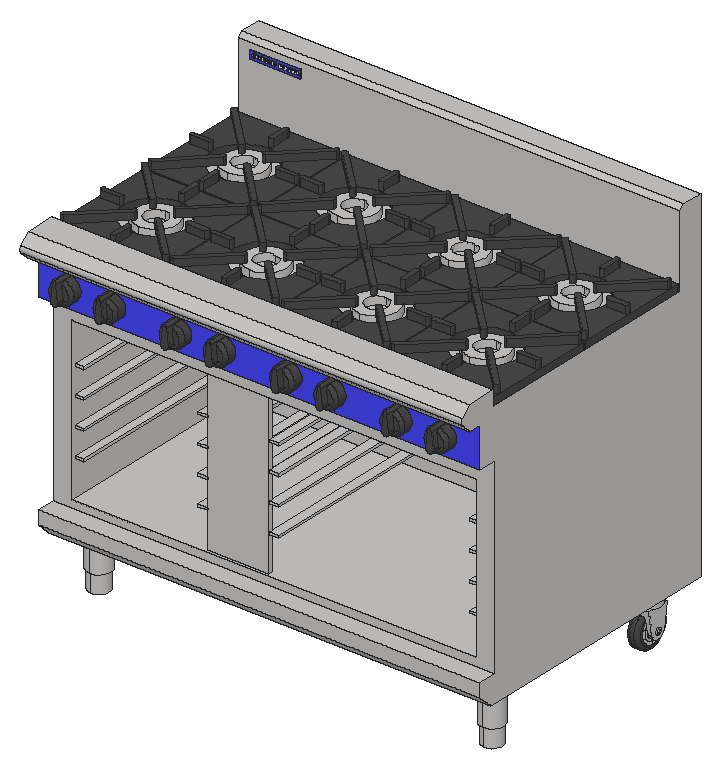
Revit family "QF_MOFFAT_BLUESEAL_CE_G518D-CB", category Specialty Equipment, Revit 2012 (continued)
Definition of nested family "GAS BURNER 1200"
  Lines and regions (mm)
    symbolic lines
      curve 18: spline (476.924, -130.525, 0) -> (476.163, -131.595, 0) -> (475.762, -132.899, 0) -> (475.749, -134.351, 0) -> (476.125, -135.85, 0) -> (476.863, -137.295, 0) -> (477.914, -138.586, 0) -> (479.205, -139.637, 0) -> (480.65, -140.375, 0) -> (482.149, -140.751, 0) -> (483.601, -140.738, 0) -> (484.905, -140.337, 0) -> (485.975, -139.576, 0)
      curve 19: line (485.975, -139.576, 0) -> (593.898, -31.653, 0)
      curve 20: spline (593.898, -31.653, 0) -> (594.819, -30.424, 0) -> (595.369, -28.97, 0) -> (595.51, -27.39, 0) -> (595.233, -25.792, 0) -> (594.557, -24.286, 0) -> (593.527, -22.973, 0) -> (592.214, -21.943, 0) -> (590.708, -21.267, 0) -> (589.11, -20.99, 0) -> (587.53, -21.131, 0) -> (586.076, -21.681, 0) -> (584.847, -22.602, 0)
      curve 21: line (591.102, -160.1, 0) -> (541.898, -160.1, 0)
      curve 22: spline (541.898, -160.1, 0) -> (540.604, -160.318, 0) -> (539.398, -160.957, 0) -> (538.362, -161.975, 0) -> (537.568, -163.3, 0) -> (537.068, -164.844, 0) -> (536.898, -166.5, 0) -> (537.068, -168.156, 0) -> (537.568, -169.7, 0) -> (538.362, -171.025, 0) -> (539.398, -172.043, 0) -> (540.604, -172.682, 0) -> (541.898, -172.9, 0)
      curve 23: line (541.898, -172.9, 0) -> (591.102, -172.9, 0)
      curve 24: spline (591.102, -172.9, 0) -> (592.396, -172.682, 0) -> (593.602, -172.043, 0) -> (594.638, -171.025, 0) -> (595.432, -169.7, 0) -> (595.932, -168.156, 0) -> (596.102, -166.5, 0) -> (595.932, -164.844, 0) -> (595.432, -163.3, 0) -> (594.638, -161.975, 0) -> (593.602, -160.957, 0) -> (592.396, -160.318, 0) -> (591.102, -160.1, 0)
      curve 25: line (593.898, -304.847, 0) -> (485.975, -193.424, 0)
      curve 26: spline (485.975, -193.424, 0) -> (484.905, -192.663, 0) -> (483.601, -192.262, 0) -> (482.149, -192.249, 0) -> (480.65, -192.625, 0) -> (479.205, -193.363, 0) -> (477.914, -194.414, 0) -> (476.863, -195.705, 0) -> (476.125, -197.15, 0) -> (475.749, -198.649, 0) -> (475.762, -200.101, 0) -> (476.163, -201.405, 0) -> (476.924, -202.475, 0)
      curve 27: line (476.924, -202.475, 0) -> (584.847, -313.898, 0)
      curve 28: spline (584.847, -313.898, 0) -> (585.916, -314.659, 0) -> (587.221, -315.059, 0) -> (588.672, -315.072, 0) -> (590.171, -314.697, 0) -> (591.616, -313.959, 0) -> (592.908, -312.908, 0) -> (593.959, -311.616, 0) -> (594.697, -310.171, 0) -> (595.072, -308.672, 0) -> (595.059, -307.221, 0) -> (594.659, -305.916, 0) -> (593.898, -304.847, 0)
      curve 29: arc (450, -223.5, 0) -> (468.725, -220.336, 0) -> (485.372, -211.197, 0) r 57
      curve 30: arc (450, -109.5, 0) -> (431.183, -112.696, 0) -> (414.475, -121.924, 0) r 57
      curve 31: arc (450.009, -84.418, 0) -> (478.534, -89.404, 0) -> (503.676, -103.773, 0) r 84.082
      curve 32: arc (450.009, -252.582, 0) -> (420.453, -247.216, 0) -> (394.669, -231.803, 0) r 84.082
      curve 33: arc (450, -136.5, 0) -> (480, -166.5, 0) -> (450, -196.5, 0) r 30
      curve 34: arc (450, -196.5, 0) -> (420, -166.5, 0) -> (450, -136.5, 0) r 30
      curve 35: arc (150, -223.5, 0) -> (168.725, -220.336, 0) -> (185.372, -211.197, 0) r 57
      curve 36: arc (150, -109.5, 0) -> (131.183, -112.696, 0) -> (114.475, -121.924, 0) r 57
      curve 37: arc (149.991, -84.418, 0) -> (178.523, -89.406, 0) -> (203.668, -103.781, 0) r 84.082
      curve 38: arc (149.991, -252.582, 0) -> (120.441, -247.219, 0) -> (94.661, -231.812, 0) r 84.082
      curve 39: line (156.4, -74.602, 0) -> (156.4, -25.398, 0)
      curve 40: spline (156.4, -25.398, 0) -> (156.182, -24.104, 0) -> (155.543, -22.898, 0) -> (154.525, -21.862, 0) -> (153.2, -21.068, 0) -> (151.656, -20.568, 0) -> (150, -20.398, 0) -> (148.344, -20.568, 0) -> (146.8, -21.068, 0) -> (145.475, -21.862, 0) -> (144.457, -22.898, 0) -> (143.818, -24.104, 0) -> (143.6, -25.398, 0)
      curve 41: line (143.6, -25.398, 0) -> (143.6, -74.602, 0)
      curve 42: spline (143.6, -74.602, 0) -> (143.818, -75.896, 0) -> (144.457, -77.102, 0) -> (145.475, -78.138, 0) -> (146.8, -78.932, 0) -> (148.344, -79.432, 0) -> (150, -79.602, 0) -> (151.656, -79.432, 0) -> (153.2, -78.932, 0) -> (154.525, -78.138, 0) -> (155.543, -77.102, 0) -> (156.182, -75.896, 0) -> (156.4, -74.602, 0)
      curve 43: line (358.102, -160.1, 0) -> (308.898, -160.1, 0)
      curve 44: spline (308.898, -160.1, 0) -> (307.604, -160.318, 0) -> (306.398, -160.957, 0) -> (305.362, -161.975, 0) -> (304.568, -163.3, 0) -> (304.068, -164.844, 0) -> (303.898, -166.5, 0) -> (304.068, -168.156, 0) -> (304.568, -169.7, 0) -> (305.362, -171.025, 0) -> (306.398, -172.043, 0) -> (307.604, -172.682, 0) -> (308.898, -172.9, 0)
      curve 45: line (308.898, -172.9, 0) -> (358.102, -172.9, 0)
      curve 46: spline (358.102, -172.9, 0) -> (359.396, -172.682, 0) -> (360.602, -172.043, 0) -> (361.638, -171.025, 0) -> (362.432, -169.7, 0) -> (362.932, -168.156, 0) -> (363.102, -166.5, 0) -> (362.932, -164.844, 0) -> (362.432, -163.3, 0) -> (361.638, -161.975, 0) -> (360.602, -160.957, 0) -> (359.396, -160.318, 0) -> (358.102, -160.1, 0)
      curve 47: line (414.025, -193.424, 0) -> (306.102, -304.847, 0)
      curve 48: spline (306.102, -304.847, 0) -> (305.341, -305.916, 0) -> (304.941, -307.221, 0) -> (304.928, -308.672, 0) -> (305.303, -310.171, 0) -> (306.041, -311.616, 0) -> (307.092, -312.908, 0) -> (308.384, -313.959, 0) -> (309.829, -314.697, 0) -> (311.328, -315.072, 0) -> (312.779, -315.059, 0) -> (314.084, -314.659, 0) -> (315.153, -313.898, 0)
      curve 49: line (315.153, -313.898, 0) -> (423.076, -202.475, 0)
      curve 50: spline (423.076, -202.475, 0) -> (423.837, -201.405, 0) -> (424.238, -200.101, 0) -> (424.251, -198.649, 0) -> (423.875, -197.15, 0) -> (423.137, -195.705, 0) -> (422.086, -194.414, 0) -> (420.795, -193.363, 0) -> (419.35, -192.625, 0) -> (417.851, -192.249, 0) -> (416.399, -192.262, 0) -> (415.095, -192.663, 0) -> (414.025, -193.424, 0)
      curve 51: line (456.4, -311.102, 0) -> (456.4, -261.898, 0)
      curve 52: spline (456.4, -261.898, 0) -> (456.182, -260.604, 0) -> (455.543, -259.398, 0) -> (454.525, -258.362, 0) -> (453.2, -257.568, 0) -> (451.656, -257.068, 0) -> (450, -256.898, 0) -> (448.344, -257.068, 0) -> (446.8, -257.568, 0) -> (445.475, -258.362, 0) -> (444.457, -259.398, 0) -> (443.818, -260.604, 0) -> (443.6, -261.898, 0)
      curve 53: line (443.6, -261.898, 0) -> (443.6, -311.102, 0)
      curve 54: spline (443.6, -311.102, 0) -> (443.818, -312.396, 0) -> (444.457, -313.602, 0) -> (445.475, -314.638, 0) -> (446.8, -315.432, 0) -> (448.344, -315.932, 0) -> (450, -316.102, 0) -> (451.656, -315.932, 0) -> (453.2, -315.432, 0) -> (454.525, -314.638, 0) -> (455.543, -313.602, 0) -> (456.182, -312.396, 0) -> (456.4, -311.102, 0)
      curve 55: line (596, 0, 0) -> (304, 0, 0)
      curve 56: arc (304, 0, 0) -> (301.879, -0.879, 0) -> (301, -3, 0) r 3
      curve 57: line (301, -3, 0) -> (301, -315.5, 0)
      curve 58: arc (301, -315.5, 0) -> (301.879, -317.621, 0) -> (304, -318.5, 0) r 3
      curve 59: line (304, -318.5, 0) -> (596, -318.5, 0)
      curve 60: arc (596, -318.5, 0) -> (598.121, -317.621, 0) -> (599, -315.5, 0) r 3
      curve 61: line (599, -315.5, 0) -> (599, -3, 0)
      curve 62: arc (599, -3, 0) -> (598.121, -0.879, 0) -> (596, 0, 0) r 3
      curve 63: line (296, 0, 0) -> (4, 0, 0)
      curve 64: arc (4, 0, 0) -> (1.879, -0.879, 0) -> (1, -3, 0) r 3
      curve 65: line (1, -3, 0) -> (1, -315.5, 0)
      curve 66: arc (1, -315.5, 0) -> (1.879, -317.621, 0) -> (4, -318.5, 0) r 3
      curve 67: line (4, -318.5, 0) -> (296, -318.5, 0)
      curve 68: arc (296, -318.5, 0) -> (298.121, -317.621, 0) -> (299, -315.5, 0) r 3
      curve 69: line (299, -315.5, 0) -> (299, -3, 0)
      curve 70: arc (299, -3, 0) -> (298.121, -0.879, 0) -> (296, 0, 0) r 3
      curve 71: line (296, -321.5, 0) -> (4, -321.5, 0)
      curve 72: arc (4, -321.5, 0) -> (1.879, -322.379, 0) -> (1, -324.5, 0) r 3
      curve 73: line (1, -324.5, 0) -> (1, -632, 0)
      curve 74: arc (1, -632, 0) -> (1.879, -634.121, 0) -> (4, -635, 0) r 3
      curve 75: line (4, -635, 0) -> (296, -635, 0)
      curve 76: arc (296, -635, 0) -> (298.121, -634.121, 0) -> (299, -632, 0) r 3
      curve 77: line (299, -632, 0) -> (299, -324.5, 0)
      curve 78: arc (299, -324.5, 0) -> (298.121, -322.379, 0) -> (296, -321.5, 0) r 3
      curve 79: line (596, -321.5, 0) -> (304, -321.5, 0)
      curve 80: arc (304, -321.5, 0) -> (301.879, -322.379, 0) -> (301, -324.5, 0) r 3
      curve 81: line (301, -324.5, 0) -> (301, -632, 0)
      curve 82: arc (301, -632, 0) -> (301.879, -634.121, 0) -> (304, -635, 0) r 3
      curve 83: line (304, -635, 0) -> (596, -635, 0)
      curve 84: arc (596, -635, 0) -> (598.121, -634.121, 0) -> (599, -632, 0) r 3
      curve 85: line (599, -632, 0) -> (599, -324.5, 0)
      curve 86: arc (599, -324.5, 0) -> (598.121, -322.379, 0) -> (596, -321.5, 0) r 3
      curve 87: line (293.898, -304.847, 0) -> (185.975, -193.424, 0)
      curve 88: spline (185.975, -193.424, 0) -> (184.905, -192.663, 0) -> (183.601, -192.262, 0) -> (182.149, -192.249, 0) -> (180.65, -192.625, 0) -> (179.205, -193.363, 0) -> (177.914, -194.414, 0) -> (176.863, -195.705, 0) -> (176.125, -197.15, 0) -> (175.749, -198.649, 0) -> (175.762, -200.101, 0) -> (176.163, -201.405, 0) -> (176.924, -202.475, 0)
      curve 89: line (176.924, -202.475, 0) -> (284.847, -313.898, 0)
      curve 90: spline (284.847, -313.898, 0) -> (285.916, -314.659, 0) -> (287.221, -315.059, 0) -> (288.672, -315.072, 0) -> (290.171, -314.697, 0) -> (291.616, -313.959, 0) -> (292.908, -312.908, 0) -> (293.959, -311.616, 0) -> (294.697, -310.171, 0) -> (295.072, -308.672, 0) -> (295.059, -307.221, 0) -> (294.659, -305.916, 0) -> (293.898, -304.847, 0)
      curve 91: line (15.153, -313.898, 0) -> (123.076, -202.475, 0)
      curve 92: spline (123.076, -202.475, 0) -> (123.837, -201.405, 0) -> (124.238, -200.101, 0) -> (124.251, -198.649, 0) -> (123.875, -197.15, 0) -> (123.137, -195.705, 0) -> (122.086, -194.414, 0) -> (120.795, -193.363, 0) -> (119.35, -192.625, 0) -> (117.851, -192.249, 0) -> (116.399, -192.262, 0) -> (115.095, -192.663, 0) -> (114.025, -193.424, 0)
      curve 93: line (114.025, -193.424, 0) -> (6.102, -304.847, 0)
      curve 94: spline (6.102, -304.847, 0) -> (5.341, -305.916, 0) -> (4.941, -307.221, 0) -> (4.928, -308.672, 0) -> (5.303, -310.171, 0) -> (6.041, -311.616, 0) -> (7.092, -312.908, 0) -> (8.384, -313.959, 0) -> (9.829, -314.697, 0) -> (11.328, -315.072, 0) -> (12.779, -315.059, 0) -> (14.084, -314.659, 0) -> (15.153, -313.898, 0)
      curve 95: line (8.898, -172.9, 0) -> (58.102, -172.9, 0)
      curve 96: spline (58.102, -172.9, 0) -> (59.396, -172.682, 0) -> (60.602, -172.043, 0) -> (61.638, -171.025, 0) -> (62.432, -169.7, 0) -> (62.932, -168.156, 0) -> (63.102, -166.5, 0) -> (62.932, -164.844, 0) -> (62.432, -163.3, 0) -> (61.638, -161.975, 0) -> (60.602, -160.957, 0) -> (59.396, -160.318, 0) -> (58.102, -160.1, 0)
      curve 97: line (58.102, -160.1, 0) -> (8.898, -160.1, 0)
      curve 98: spline (8.898, -160.1, 0) -> (7.604, -160.318, 0) -> (6.398, -160.957, 0) -> (5.362, -161.975, 0) -> (4.568, -163.3, 0) -> (4.068, -164.844, 0) -> (3.898, -166.5, 0) -> (4.068, -168.156, 0) -> (4.568, -169.7, 0) -> (5.362, -171.025, 0) -> (6.398, -172.043, 0) -> (7.604, -172.682, 0) -> (8.898, -172.9, 0)
      curve 99: line (6.102, -31.653, 0) -> (114.025, -139.576, 0)
      curve 100: spline (114.025, -139.576, 0) -> (115.095, -140.337, 0) -> (116.399, -140.738, 0) -> (117.851, -140.751, 0) -> (119.35, -140.375, 0) -> (120.795, -139.637, 0) -> (122.086, -138.586, 0) -> (123.137, -137.295, 0) -> (123.875, -135.85, 0) -> (124.251, -134.351, 0) -> (124.238, -132.899, 0) -> (123.837, -131.595, 0) -> (123.076, -130.525, 0)
      curve 101: line (123.076, -130.525, 0) -> (15.153, -22.602, 0)
      curve 102: spline (15.153, -22.602, 0) -> (13.924, -21.681, 0) -> (12.47, -21.131, 0) -> (10.89, -20.99, 0) -> (9.292, -21.267, 0) -> (7.786, -21.943, 0) -> (6.473, -22.973, 0) -> (5.443, -24.286, 0) -> (4.767, -25.792, 0) -> (4.49, -27.39, 0) -> (4.631, -28.97, 0) -> (5.181, -30.424, 0) -> (6.102, -31.653, 0)
      curve 103: arc (150, -136.5, 0) -> (180, -166.5, 0) -> (150, -196.5, 0) r 30
      curve 104: arc (150, -196.5, 0) -> (120, -166.5, 0) -> (150, -136.5, 0) r 30
      curve 105: line (156.4, -311.102, 0) -> (156.4, -261.898, 0)
      curve 106: spline (156.4, -261.898, 0) -> (156.182, -260.604, 0) -> (155.543, -259.398, 0) -> (154.525, -258.362, 0) -> (153.2, -257.568, 0) -> (151.656, -257.068, 0) -> (150, -256.898, 0) -> (148.344, -257.068, 0) -> (146.8, -257.568, 0) -> (145.475, -258.362, 0) -> (144.457, -259.398, 0) -> (143.818, -260.604, 0) -> (143.6, -261.898, 0)
      curve 107: line (143.6, -261.898, 0) -> (143.6, -311.102, 0)
      curve 108: spline (143.6, -311.102, 0) -> (143.818, -312.396, 0) -> (144.457, -313.602, 0) -> (145.475, -314.638, 0) -> (146.8, -315.432, 0) -> (148.344, -315.932, 0) -> (150, -316.102, 0) -> (151.656, -315.932, 0) -> (153.2, -315.432, 0) -> (154.525, -314.638, 0) -> (155.543, -313.602, 0) -> (156.182, -312.396, 0) -> (156.4, -311.102, 0)
      curve 109: line (156.4, -378.102, 0) -> (156.4, -328.898, 0)
      curve 110: spline (156.4, -328.898, 0) -> (156.182, -327.604, 0) -> (155.543, -326.398, 0) -> (154.525, -325.362, 0) -> (153.2, -324.568, 0) -> (151.656, -324.068, 0) -> (150, -323.898, 0) -> (148.344, -324.068, 0) -> (146.8, -324.568, 0) -> (145.475, -325.362, 0) -> (144.457, -326.398, 0) -> (143.818, -327.604, 0) -> (143.6, -328.898, 0)
      curve 111: line (143.6, -328.898, 0) -> (143.6, -378.102, 0)
      curve 112: spline (143.6, -378.102, 0) -> (143.818, -379.396, 0) -> (144.457, -380.602, 0) -> (145.475, -381.638, 0) -> (146.8, -382.432, 0) -> (148.344, -382.932, 0) -> (150, -383.102, 0) -> (151.656, -382.932, 0) -> (153.2, -382.432, 0) -> (154.525, -381.638, 0) -> (155.543, -380.602, 0) -> (156.182, -379.396, 0) -> (156.4, -378.102, 0)
      curve 113: line (284.847, -326.102, 0) -> (176.924, -434.025, 0)
      curve 114: spline (176.924, -434.025, 0) -> (176.163, -435.095, 0) -> (175.762, -436.399, 0) -> (175.749, -437.851, 0) -> (176.125, -439.35, 0) -> (176.863, -440.795, 0) -> (177.914, -442.086, 0) -> (179.205, -443.137, 0) -> (180.65, -443.875, 0) -> (182.149, -444.251, 0) -> (183.601, -444.238, 0) -> (184.905, -443.837, 0) -> (185.975, -443.076, 0)
      curve 115: line (185.975, -443.076, 0) -> (293.898, -335.153, 0)
      curve 116: spline (293.898, -335.153, 0) -> (294.659, -334.084, 0) -> (295.059, -332.779, 0) -> (295.072, -331.328, 0) -> (294.697, -329.829, 0) -> (293.959, -328.384, 0) -> (292.908, -327.092, 0) -> (291.616, -326.041, 0) -> (290.171, -325.303, 0) -> (288.672, -324.928, 0) -> (287.221, -324.941, 0) -> (285.916, -325.341, 0) -> (284.847, -326.102, 0)
      curve 117: line (123.076, -434.025, 0) -> (15.153, -326.102, 0)
      curve 118: spline (15.153, -326.102, 0) -> (13.924, -325.181, 0) -> (12.47, -324.631, 0) -> (10.89, -324.49, 0) -> (9.292, -324.767, 0) -> (7.786, -325.443, 0) -> (6.473, -326.473, 0) -> (5.443, -327.786, 0) -> (4.767, -329.292, 0) -> (4.49, -330.89, 0) -> (4.631, -332.47, 0) -> (5.181, -333.924, 0) -> (6.102, -335.153, 0)
      curve 119: line (6.102, -335.153, 0) -> (114.025, -443.076, 0)
      curve 120: spline (114.025, -443.076, 0) -> (115.095, -443.837, 0) -> (116.399, -444.238, 0) -> (117.851, -444.251, 0) -> (119.35, -443.875, 0) -> (120.795, -443.137, 0) -> (122.086, -442.086, 0) -> (123.137, -440.795, 0) -> (123.875, -439.35, 0) -> (124.251, -437.851, 0) -> (124.238, -436.399, 0) -> (123.837, -435.095, 0) -> (123.076, -434.025, 0)
      curve 121: line (58.102, -463.6, 0) -> (8.898, -463.6, 0)
      curve 122: spline (8.898, -463.6, 0) -> (7.604, -463.818, 0) -> (6.398, -464.457, 0) -> (5.362, -465.475, 0) -> (4.568, -466.8, 0) -> (4.068, -468.344, 0) -> (3.898, -470, 0) -> (4.068, -471.656, 0) -> (4.568, -473.2, 0) -> (5.362, -474.525, 0) -> (6.398, -475.543, 0) -> (7.604, -476.182, 0) -> (8.898, -476.4, 0)
      curve 123: line (8.898, -476.4, 0) -> (58.102, -476.4, 0)
      curve 124: spline (58.102, -476.4, 0) -> (59.396, -476.182, 0) -> (60.602, -475.543, 0) -> (61.638, -474.525, 0) -> (62.432, -473.2, 0) -> (62.932, -471.656, 0) -> (63.102, -470, 0) -> (62.932, -468.344, 0) -> (62.432, -466.8, 0) -> (61.638, -465.475, 0) -> (60.602, -464.457, 0) -> (59.396, -463.818, 0) -> (58.102, -463.6, 0)
      curve 125: line (114.025, -496.924, 0) -> (6.102, -603.347, 0)
      curve 126: spline (6.102, -603.347, 0) -> (5.341, -604.416, 0) -> (4.941, -605.721, 0) -> (4.928, -607.172, 0) -> (5.303, -608.671, 0) -> (6.041, -610.116, 0) -> (7.092, -611.408, 0) -> (8.384, -612.459, 0) -> (9.829, -613.197, 0) -> (11.328, -613.572, 0) -> (12.779, -613.559, 0) -> (14.084, -613.159, 0) -> (15.153, -612.398, 0)
      curve 127: line (15.153, -612.398, 0) -> (123.076, -505.975, 0)
      curve 128: spline (123.076, -505.975, 0) -> (123.837, -504.905, 0) -> (124.238, -503.601, 0) -> (124.251, -502.149, 0) -> (123.875, -500.65, 0) -> (123.137, -499.205, 0) -> (122.086, -497.914, 0) -> (120.795, -496.863, 0) -> (119.35, -496.125, 0) -> (117.851, -495.749, 0) -> (116.399, -495.762, 0) -> (115.095, -496.163, 0) -> (114.025, -496.924, 0)
      curve 129: line (156.4, -609.602, 0) -> (156.4, -561.898, 0)
      curve 130: spline (156.4, -561.898, 0) -> (156.182, -560.604, 0) -> (155.543, -559.398, 0) -> (154.525, -558.362, 0) -> (153.2, -557.568, 0) -> (151.656, -557.068, 0) -> (150, -556.898, 0) -> (148.344, -557.068, 0) -> (146.8, -557.568, 0) -> (145.475, -558.362, 0) -> (144.457, -559.398, 0) -> (143.818, -560.604, 0) -> (143.6, -561.898, 0)
      curve 131: line (143.6, -561.898, 0) -> (143.6, -609.602, 0)
      curve 132: spline (143.6, -609.602, 0) -> (143.818, -610.896, 0) -> (144.457, -612.102, 0) -> (145.475, -613.138, 0) -> (146.8, -613.932, 0) -> (148.344, -614.432, 0) -> (150, -614.602, 0) -> (151.656, -614.432, 0) -> (153.2, -613.932, 0) -> (154.525, -613.138, 0) -> (155.543, -612.102, 0) -> (156.182, -610.896, 0) -> (156.4, -609.602, 0)
      curve 133: line (176.924, -505.975, 0) -> (284.847, -612.398, 0)
      curve 134: spline (284.847, -612.398, 0) -> (285.916, -613.159, 0) -> (287.221, -613.559, 0) -> (288.672, -613.572, 0) -> (290.171, -613.197, 0) -> (291.616, -612.459, 0) -> (292.908, -611.408, 0) -> (293.959, -610.116, 0) -> (294.697, -608.671, 0) -> (295.072, -607.172, 0) -> (295.059, -605.721, 0) -> (294.659, -604.416, 0) -> (293.898, -603.347, 0)
      curve 135: line (293.898, -603.347, 0) -> (185.975, -496.924, 0)
      curve 136: spline (185.975, -496.924, 0) -> (184.905, -496.163, 0) -> (183.601, -495.762, 0) -> (182.149, -495.749, 0) -> (180.65, -496.125, 0) -> (179.205, -496.863, 0) -> (177.914, -497.914, 0) -> (176.863, -499.205, 0) -> (176.125, -500.65, 0) -> (175.749, -502.149, 0) -> (175.762, -503.601, 0) -> (176.163, -504.905, 0) -> (176.924, -505.975, 0)
      curve 137: arc (149.991, -384.418, 0) -> (179.687, -389.836, 0) -> (205.556, -405.393, 0) r 84.082
      curve 138: arc (149.991, -552.582, 0) -> (121.173, -547.489, 0) -> (95.845, -532.827, 0) r 84.082
      curve 139: arc (150, -523.5, 0) -> (167.666, -520.693, 0) -> (183.592, -512.55, 0) r 57
      curve 140: arc (150, -409.5, 0) -> (130.014, -413.119, 0) -> (112.566, -423.515, 0) r 57
      curve 141: arc (150, -436.5, 0) -> (180, -466.5, 0) -> (150, -496.5, 0) r 30
      curve 142: arc (150, -496.5, 0) -> (120, -466.5, 0) -> (150, -436.5, 0) r 30
      curve 143: line (291.102, -463.6, 0) -> (241.898, -463.6, 0)
      curve 144: spline (241.898, -463.6, 0) -> (240.604, -463.818, 0) -> (239.398, -464.457, 0) -> (238.362, -465.475, 0) -> (237.568, -466.8, 0) -> (237.068, -468.344, 0) -> (236.898, -470, 0) -> (237.068, -471.656, 0) -> (237.568, -473.2, 0) -> (238.362, -474.525, 0) -> (239.398, -475.543, 0) -> (240.604, -476.182, 0) -> (241.898, -476.4, 0)
      curve 145: line (241.898, -476.4, 0) -> (291.102, -476.4, 0)
      curve 146: spline (291.102, -476.4, 0) -> (292.396, -476.182, 0) -> (293.602, -475.543, 0) -> (294.638, -474.525, 0) -> (295.432, -473.2, 0) -> (295.932, -471.656, 0) -> (296.102, -470, 0) -> (295.932, -468.344, 0) -> (295.432, -466.8, 0) -> (294.638, -465.475, 0) -> (293.602, -464.457, 0) -> (292.396, -463.818, 0) -> (291.102, -463.6, 0)
      curve 147: line (423.076, -434.025, 0) -> (315.153, -326.102, 0)
      curve 148: spline (315.153, -326.102, 0) -> (314.084, -325.341, 0) -> (312.779, -324.941, 0) -> (311.328, -324.928, 0) -> (309.829, -325.303, 0) -> (308.384, -326.041, 0) -> (307.092, -327.092, 0) -> (306.041, -328.384, 0) -> (305.303, -329.829, 0) -> (304.928, -331.328, 0) -> (304.941, -332.779, 0) -> (305.341, -334.084, 0) -> (306.102, -335.153, 0)
      curve 149: line (306.102, -335.153, 0) -> (414.025, -443.076, 0)
      curve 150: spline (414.025, -443.076, 0) -> (415.095, -443.837, 0) -> (416.399, -444.238, 0) -> (417.851, -444.251, 0) -> (419.35, -443.875, 0) -> (420.795, -443.137, 0) -> (422.086, -442.086, 0) -> (423.137, -440.795, 0) -> (423.875, -439.35, 0) -> (424.251, -437.851, 0) -> (424.238, -436.399, 0) -> (423.837, -435.095, 0) -> (423.076, -434.025, 0)
      curve 151: line (443.6, -328.898, 0) -> (443.6, -378.102, 0)
      curve 152: spline (443.6, -378.102, 0) -> (443.818, -379.396, 0) -> (444.457, -380.602, 0) -> (445.475, -381.638, 0) -> (446.8, -382.432, 0) -> (448.344, -382.932, 0) -> (450, -383.102, 0) -> (451.656, -382.932, 0) -> (453.2, -382.432, 0) -> (454.525, -381.638, 0) -> (455.543, -380.602, 0) -> (456.182, -379.396, 0) -> (456.4, -378.102, 0)
      curve 153: line (456.4, -378.102, 0) -> (456.4, -328.898, 0)
      curve 154: spline (456.4, -328.898, 0) -> (456.182, -327.604, 0) -> (455.543, -326.398, 0) -> (454.525, -325.362, 0) -> (453.2, -324.568, 0) -> (451.656, -324.068, 0) -> (450, -323.898, 0) -> (448.344, -324.068, 0) -> (446.8, -324.568, 0) -> (445.475, -325.362, 0) -> (444.457, -326.398, 0) -> (443.818, -327.604, 0) -> (443.6, -328.898, 0)
      curve 155: line (584.847, -326.102, 0) -> (476.924, -434.025, 0)
      curve 156: spline (476.924, -434.025, 0) -> (476.163, -435.095, 0) -> (475.762, -436.399, 0) -> (475.749, -437.851, 0) -> (476.125, -439.35, 0) -> (476.863, -440.795, 0) -> (477.914, -442.086, 0) -> (479.205, -443.137, 0) -> (480.65, -443.875, 0) -> (482.149, -444.251, 0) -> (483.601, -444.238, 0) -> (484.905, -443.837, 0) -> (485.975, -443.076, 0)
      curve 157: line (485.975, -443.076, 0) -> (593.898, -335.153, 0)
      curve 158: spline (593.898, -335.153, 0) -> (594.819, -333.924, 0) -> (595.369, -332.47, 0) -> (595.51, -330.89, 0) -> (595.233, -329.292, 0) -> (594.557, -327.786, 0) -> (593.527, -326.473, 0) -> (592.214, -325.443, 0) -> (590.708, -324.767, 0) -> (589.11, -324.49, 0) -> (587.53, -324.631, 0) -> (586.076, -325.181, 0) -> (584.847, -326.102, 0)
      curve 159: line (591.102, -463.6, 0) -> (541.898, -463.6, 0)
      curve 160: spline (541.898, -463.6, 0) -> (540.604, -463.818, 0) -> (539.398, -464.457, 0) -> (538.362, -465.475, 0) -> (537.568, -466.8, 0) -> (537.068, -468.344, 0) -> (536.898, -470, 0) -> (537.068, -471.656, 0) -> (537.568, -473.2, 0) -> (538.362, -474.525, 0) -> (539.398, -475.543, 0) -> (540.604, -476.182, 0) -> (541.898, -476.4, 0)
      curve 161: line (541.898, -476.4, 0) -> (591.102, -476.4, 0)
      curve 162: spline (591.102, -476.4, 0) -> (592.396, -476.182, 0) -> (593.602, -475.543, 0) -> (594.638, -474.525, 0) -> (595.432, -473.2, 0) -> (595.932, -471.656, 0) -> (596.102, -470, 0) -> (595.932, -468.344, 0) -> (595.432, -466.8, 0) -> (594.638, -465.475, 0) -> (593.602, -464.457, 0) -> (592.396, -463.818, 0) -> (591.102, -463.6, 0)
      curve 163: line (593.898, -603.347, 0) -> (485.975, -496.924, 0)
      curve 164: spline (485.975, -496.924, 0) -> (484.905, -496.163, 0) -> (483.601, -495.762, 0) -> (482.149, -495.749, 0) -> (480.65, -496.125, 0) -> (479.205, -496.863, 0) -> (477.914, -497.914, 0) -> (476.863, -499.205, 0) -> (476.125, -500.65, 0) -> (475.749, -502.149, 0) -> (475.762, -503.601, 0) -> (476.163, -504.905, 0) -> (476.924, -505.975, 0)
      curve 165: line (476.924, -505.975, 0) -> (584.847, -612.398, 0)
      curve 166: spline (584.847, -612.398, 0) -> (585.916, -613.159, 0) -> (587.221, -613.559, 0) -> (588.672, -613.572, 0) -> (590.171, -613.197, 0) -> (591.616, -612.459, 0) -> (592.908, -611.408, 0) -> (593.959, -610.116, 0) -> (594.697, -608.671, 0) -> (595.072, -607.172, 0) -> (595.059, -605.721, 0) -> (594.659, -604.416, 0) -> (593.898, -603.347, 0)
      curve 167: line (315.153, -612.398, 0) -> (423.076, -505.975, 0)
      curve 168: spline (423.076, -505.975, 0) -> (423.837, -504.905, 0) -> (424.238, -503.601, 0) -> (424.251, -502.149, 0) -> (423.875, -500.65, 0) -> (423.137, -499.205, 0) -> (422.086, -497.914, 0) -> (420.795, -496.863, 0) -> (419.35, -496.125, 0) -> (417.851, -495.749, 0) -> (416.399, -495.762, 0) -> (415.095, -496.163, 0) -> (414.025, -496.924, 0)
      curve 169: line (414.025, -496.924, 0) -> (306.102, -603.347, 0)
      curve 170: spline (306.102, -603.347, 0) -> (305.341, -604.416, 0) -> (304.941, -605.721, 0) -> (304.928, -607.172, 0) -> (305.303, -608.671, 0) -> (306.041, -610.116, 0) -> (307.092, -611.408, 0) -> (308.384, -612.459, 0) -> (309.829, -613.197, 0) -> (311.328, -613.572, 0) -> (312.779, -613.559, 0) -> (314.084, -613.159, 0) -> (315.153, -612.398, 0)
      curve 171: line (308.898, -476.4, 0) -> (358.102, -476.4, 0)
      curve 172: spline (358.102, -476.4, 0) -> (359.396, -476.182, 0) -> (360.602, -475.543, 0) -> (361.638, -474.525, 0) -> (362.432, -473.2, 0) -> (362.932, -471.656, 0) -> (363.102, -470, 0) -> (362.932, -468.344, 0) -> (362.432, -466.8, 0) -> (361.638, -465.475, 0) -> (360.602, -464.457, 0) -> (359.396, -463.818, 0) -> (358.102, -463.6, 0)
      curve 173: line (358.102, -463.6, 0) -> (308.898, -463.6, 0)
      curve 174: spline (308.898, -463.6, 0) -> (307.604, -463.818, 0) -> (306.398, -464.457, 0) -> (305.362, -465.475, 0) -> (304.568, -466.8, 0) -> (304.068, -468.344, 0) -> (303.898, -470, 0) -> (304.068, -471.656, 0) -> (304.568, -473.2, 0) -> (305.362, -474.525, 0) -> (306.398, -475.543, 0) -> (307.604, -476.182, 0) -> (308.898, -476.4, 0)
      curve 175: line (456.4, -609.602, 0) -> (456.4, -561.898, 0)
      curve 176: spline (456.4, -561.898, 0) -> (456.182, -560.604, 0) -> (455.543, -559.398, 0) -> (454.525, -558.362, 0) -> (453.2, -557.568, 0) -> (451.656, -557.068, 0) -> (450, -556.898, 0) -> (448.344, -557.068, 0) -> (446.8, -557.568, 0) -> (445.475, -558.362, 0) -> (444.457, -559.398, 0) -> (443.818, -560.604, 0) -> (443.6, -561.898, 0)
      curve 177: line (443.6, -561.898, 0) -> (443.6, -609.602, 0)
      curve 178: spline (443.6, -609.602, 0) -> (443.818, -610.896, 0) -> (444.457, -612.102, 0) -> (445.475, -613.138, 0) -> (446.8, -613.932, 0) -> (448.344, -614.432, 0) -> (450, -614.602, 0) -> (451.656, -614.432, 0) -> (453.2, -613.932, 0) -> (454.525, -613.138, 0) -> (455.543, -612.102, 0) -> (456.182, -610.896, 0) -> (456.4, -609.602, 0)
      curve 179: arc (450.009, -384.418, 0) -> (479.699, -389.834, 0) -> (505.564, -405.385, 0) r 84.082
      curve 180: arc (450.009, -552.582, 0) -> (417.885, -546.204, 0) -> (390.635, -528.036, 0) r 84.082
      curve 181: arc (450, -523.5, 0) -> (467.666, -520.693, 0) -> (483.592, -512.55, 0) r 57
      curve 182: arc (450, -409.5, 0) -> (430.014, -413.119, 0) -> (412.566, -423.515, 0) r 57
      curve 183: arc (450, -436.5, 0) -> (480, -466.5, 0) -> (450, -496.5, 0) r 30
      curve 184: arc (450, -496.5, 0) -> (420, -466.5, 0) -> (450, -436.5, 0) r 30
      curve 185: arc (96.324, -103.773, 0) -> (121.466, -89.404, 0) -> (149.991, -84.418, 0) r 84.082
      curve 186: arc (212.871, -112.68, 0) -> (234.066, -167.408, 0) -> (214.3, -222.668, 0) r 84.082
      curve 187: arc (194.454, -202.178, 0) -> (207, -166.598, 0) -> (194.576, -130.975, 0) r 57
      curve 188: arc (114.628, -211.197, 0) -> (131.275, -220.336, 0) -> (150, -223.5, 0) r 57
      curve 189: arc (405.424, -130.975, 0) -> (393, -166.598, 0) -> (405.546, -202.178, 0) r 57
      curve 190: arc (485.525, -121.924, 0) -> (468.817, -112.696, 0) -> (450, -109.5, 0) r 57
      curve 191: arc (494.454, -202.178, 0) -> (507, -166.598, 0) -> (494.576, -130.975, 0) r 57
      curve 192: arc (414.628, -211.197, 0) -> (431.275, -220.336, 0) -> (450, -223.5, 0) r 57
      curve 193: arc (105.424, -130.975, 0) -> (93, -166.598, 0) -> (105.546, -202.178, 0) r 57
      curve 194: arc (514.501, -414.55, 0) -> (534.086, -469.429, 0) -> (513.293, -523.862, 0) r 84.082
      curve 195: arc (504.155, -532.827, 0) -> (478.827, -547.489, 0) -> (450.009, -552.582, 0) r 84.082
      curve 196: arc (493.031, -503.881, 0) -> (506.947, -468.956, 0) -> (496.089, -432.962, 0) r 57
      curve 197: arc (416.408, -512.55, 0) -> (432.334, -520.693, 0) -> (450, -523.5, 0) r 57
      curve 198: arc (403.911, -432.962, 0) -> (393.053, -468.956, 0) -> (406.969, -503.881, 0) r 57
      curve 199: arc (487.434, -423.515, 0) -> (469.986, -413.119, 0) -> (450, -409.5, 0) r 57
      curve 200: arc (187.434, -423.515, 0) -> (169.986, -413.119, 0) -> (150, -409.5, 0) r 57
      curve 201: arc (103.911, -432.962, 0) -> (93.053, -468.956, 0) -> (106.969, -503.881, 0) r 57
      curve 202: arc (109.732, -506.842, 0) -> (110.614, -507.704, 0) -> (111.516, -508.547, 0) r 57
      curve 203: arc (193.031, -503.881, 0) -> (206.947, -468.956, 0) -> (196.089, -432.962, 0) r 57
      curve 204: arc (214.491, -414.56, 0) -> (234.068, -469.429, 0) -> (213.283, -523.853, 0) r 84.082
      curve 205: arc (94.436, -405.385, 0) -> (120.301, -389.834, 0) -> (149.991, -384.418, 0) r 84.082
      curve 206: arc (86.707, -523.862, 0) -> (65.914, -469.429, 0) -> (85.499, -414.55, 0) r 84.082
      curve 207: arc (116.408, -512.55, 0) -> (132.334, -520.693, 0) -> (150, -523.5, 0) r 57
      curve 208: arc (204.147, -532.819, 0) -> (178.816, -547.487, 0) -> (149.991, -552.582, 0) r 84.082
      curve 209: arc (394.444, -405.393, 0) -> (420.313, -389.836, 0) -> (450.009, -384.418, 0) r 84.082
      curve 210: arc (390.635, -528.036, 0) -> (366.012, -472.294, 0) -> (385.509, -414.56, 0) r 84.082
      curve 211: arc (185.525, -121.924, 0) -> (168.817, -112.696, 0) -> (150, -109.5, 0) r 57
      curve 212: arc (396.332, -103.781, 0) -> (421.477, -89.406, 0) -> (450.009, -84.418, 0) r 84.082
      curve 213: arc (512.881, -112.67, 0) -> (534.084, -167.408, 0) -> (514.31, -222.678, 0) r 84.082
      curve 214: arc (505.339, -231.812, 0) -> (479.559, -247.219, 0) -> (450.009, -252.582, 0) r 84.082
      curve 215: arc (385.7, -222.668, 0) -> (365.934, -167.408, 0) -> (387.129, -112.68, 0) r 84.082
      curve 216: arc (205.331, -231.803, 0) -> (179.547, -247.216, 0) -> (149.991, -252.582, 0) r 84.082
      curve 217: arc (85.69, -222.678, 0) -> (65.916, -167.408, 0) -> (87.119, -112.67, 0) r 84.082
      curve 218: spline (724.076, -130.525, 0) -> (724.837, -131.595, 0) -> (725.238, -132.899, 0) -> (725.251, -134.351, 0) -> (724.875, -135.85, 0) -> (724.137, -137.295, 0) -> (723.086, -138.586, 0) -> (721.795, -139.637, 0) -> (720.35, -140.375, 0) -> (718.851, -140.751, 0) -> (717.399, -140.738, 0) -> (716.095, -140.337, 0) -> (715.025, -139.576, 0)
      curve 219: spline (659.102, -160.1, 0) -> (660.396, -160.318, 0) -> (661.602, -160.957, 0) -> (662.638, -161.975, 0) -> (663.432, -163.3, 0) -> (663.932, -164.844, 0) -> (664.102, -166.5, 0) -> (663.932, -168.156, 0) -> (663.432, -169.7, 0) -> (662.638, -171.025, 0) -> (661.602, -172.043, 0) -> (660.396, -172.682, 0) -> (659.102, -172.9, 0)
      curve 220: arc (751, -223.5, 0) -> (732.275, -220.336, 0) -> (715.628, -211.197, 0) r 57
      curve 221: arc (751, -109.5, 0) -> (769.817, -112.696, 0) -> (786.525, -121.924, 0) r 57
      curve 222: arc (751.009, -84.418, 0) -> (722.477, -89.406, 0) -> (697.332, -103.781, 0) r 84.082
      curve 223: arc (751.009, -252.582, 0) -> (780.559, -247.219, 0) -> (806.339, -231.812, 0) r 84.082
      curve 224: line (744.6, -74.602, 0) -> (744.6, -25.398, 0)
      curve 225: spline (744.6, -25.398, 0) -> (744.818, -24.104, 0) -> (745.457, -22.898, 0) -> (746.475, -21.862, 0) -> (747.8, -21.068, 0) -> (749.344, -20.568, 0) -> (751, -20.398, 0) -> (752.656, -20.568, 0) -> (754.2, -21.068, 0) -> (755.525, -21.862, 0) -> (756.543, -22.898, 0) -> (757.182, -24.104, 0) -> (757.4, -25.398, 0)
      curve 226: line (757.4, -25.398, 0) -> (757.4, -74.602, 0)
      curve 227: spline (757.4, -74.602, 0) -> (757.182, -75.896, 0) -> (756.543, -77.102, 0) -> (755.525, -78.138, 0) -> (754.2, -78.932, 0) -> (752.656, -79.432, 0) -> (751, -79.602, 0) -> (749.344, -79.432, 0) -> (747.8, -78.932, 0) -> (746.475, -78.138, 0) -> (745.457, -77.102, 0) -> (744.818, -75.896, 0) -> (744.6, -74.602, 0)
      curve 228: arc (897, 0, 0) -> (899.121, -0.879, 0) -> (900, -3, 0) r 3
      curve 229: line (900, -3, 0) -> (900, -315.5, 0)
      curve 230: arc (900, -315.5, 0) -> (899.121, -317.621, 0) -> (897, -318.5, 0) r 3
      curve 231: arc (897, -321.5, 0) -> (899.121, -322.379, 0) -> (900, -324.5, 0) r 3
      curve 232: line (900, -324.5, 0) -> (900, -632, 0)
      curve 233: arc (900, -632, 0) -> (899.121, -634.121, 0) -> (897, -635, 0) r 3
      curve 234: spline (715.025, -193.424, 0) -> (716.095, -192.663, 0) -> (717.399, -192.262, 0) -> (718.851, -192.249, 0) -> (720.35, -192.625, 0) -> (721.795, -193.363, 0) -> (723.086, -194.414, 0) -> (724.137, -195.705, 0) -> (724.875, -197.15, 0) -> (725.251, -198.649, 0) -> (725.238, -200.101, 0) -> (724.837, -201.405, 0) -> (724.076, -202.475, 0)
      curve 235: line (885.847, -313.898, 0) -> (777.924, -202.475, 0)
      curve 236: spline (777.924, -202.475, 0) -> (777.163, -201.405, 0) -> (776.762, -200.101, 0) -> (776.749, -198.649, 0) -> (777.125, -197.15, 0) -> (777.863, -195.705, 0) -> (778.914, -194.414, 0) -> (780.205, -193.363, 0) -> (781.65, -192.625, 0) -> (783.149, -192.249, 0) -> (784.601, -192.262, 0) -> (785.905, -192.663, 0) -> (786.975, -193.424, 0)
      curve 237: line (786.975, -193.424, 0) -> (894.898, -304.847, 0)
      curve 238: spline (894.898, -304.847, 0) -> (895.659, -305.916, 0) -> (896.059, -307.221, 0) -> (896.072, -308.672, 0) -> (895.697, -310.171, 0) -> (894.959, -311.616, 0) -> (893.908, -312.908, 0) -> (892.616, -313.959, 0) -> (891.171, -314.697, 0) -> (889.672, -315.072, 0) -> (888.221, -315.059, 0) -> (886.916, -314.659, 0) -> (885.847, -313.898, 0)
      curve 239: line (892.102, -172.9, 0) -> (842.898, -172.9, 0)
      curve 240: spline (842.898, -172.9, 0) -> (841.604, -172.682, 0) -> (840.398, -172.043, 0) -> (839.362, -171.025, 0) -> (838.568, -169.7, 0) -> (838.068, -168.156, 0) -> (837.898, -166.5, 0) -> (838.068, -164.844, 0) -> (838.568, -163.3, 0) -> (839.362, -161.975, 0) -> (840.398, -160.957, 0) -> (841.604, -160.318, 0) -> (842.898, -160.1, 0)
      curve 241: line (842.898, -160.1, 0) -> (892.102, -160.1, 0)
      curve 242: spline (892.102, -160.1, 0) -> (893.396, -160.318, 0) -> (894.602, -160.957, 0) -> (895.638, -161.975, 0) -> (896.432, -163.3, 0) -> (896.932, -164.844, 0) -> (897.102, -166.5, 0) -> (896.932, -168.156, 0) -> (896.432, -169.7, 0) -> (895.638, -171.025, 0) -> (894.602, -172.043, 0) -> (893.396, -172.682, 0) -> (892.102, -172.9, 0)
      curve 243: line (894.898, -31.653, 0) -> (786.975, -139.576, 0)
      curve 244: spline (786.975, -139.576, 0) -> (785.905, -140.337, 0) -> (784.601, -140.738, 0) -> (783.149, -140.751, 0) -> (781.65, -140.375, 0) -> (780.205, -139.637, 0) -> (778.914, -138.586, 0) -> (777.863, -137.295, 0) -> (777.125, -135.85, 0) -> (776.749, -134.351, 0) -> (776.762, -132.899, 0) -> (777.163, -131.595, 0) -> (777.924, -130.525, 0)
      curve 245: line (777.924, -130.525, 0) -> (885.847, -22.602, 0)
      curve 246: spline (885.847, -22.602, 0) -> (887.076, -21.681, 0) -> (888.53, -21.131, 0) -> (890.11, -20.99, 0) -> (891.708, -21.267, 0) -> (893.214, -21.943, 0) -> (894.527, -22.973, 0) -> (895.557, -24.286, 0) -> (896.233, -25.792, 0) -> (896.51, -27.39, 0) -> (896.369, -28.97, 0) -> (895.819, -30.424, 0) -> (894.898, -31.653, 0)
      curve 247: arc (751, -136.5, 0) -> (721, -166.5, 0) -> (751, -196.5, 0) r 30
      curve 248: arc (751, -196.5, 0) -> (781, -166.5, 0) -> (751, -136.5, 0) r 30
      curve 249: line (744.6, -311.102, 0) -> (744.6, -261.898, 0)
      curve 250: spline (744.6, -261.898, 0) -> (744.818, -260.604, 0) -> (745.457, -259.398, 0) -> (746.475, -258.362, 0) -> (747.8, -257.568, 0) -> (749.344, -257.068, 0) -> (751, -256.898, 0) -> (752.656, -257.068, 0) -> (754.2, -257.568, 0) -> (755.525, -258.362, 0) -> (756.543, -259.398, 0) -> (757.182, -260.604, 0) -> (757.4, -261.898, 0)
      curve 251: line (757.4, -261.898, 0) -> (757.4, -311.102, 0)
      curve 252: spline (757.4, -311.102, 0) -> (757.182, -312.396, 0) -> (756.543, -313.602, 0) -> (755.525, -314.638, 0) -> (754.2, -315.432, 0) -> (752.656, -315.932, 0) -> (751, -316.102, 0) -> (749.344, -315.932, 0) -> (747.8, -315.432, 0) -> (746.475, -314.638, 0) -> (745.457, -313.602, 0) -> (744.818, -312.396, 0) -> (744.6, -311.102, 0)
      curve 253: line (744.6, -378.102, 0) -> (744.6, -328.898, 0)
      curve 254: spline (744.6, -328.898, 0) -> (744.818, -327.604, 0) -> (745.457, -326.398, 0) -> (746.475, -325.362, 0) -> (747.8, -324.568, 0) -> (749.344, -324.068, 0) -> (751, -323.898, 0) -> (752.656, -324.068, 0) -> (754.2, -324.568, 0) -> (755.525, -325.362, 0) -> (756.543, -326.398, 0) -> (757.182, -327.604, 0) -> (757.4, -328.898, 0)
      curve 255: line (757.4, -328.898, 0) -> (757.4, -378.102, 0)
      curve 256: spline (757.4, -378.102, 0) -> (757.182, -379.396, 0) -> (756.543, -380.602, 0) -> (755.525, -381.638, 0) -> (754.2, -382.432, 0) -> (752.656, -382.932, 0) -> (751, -383.102, 0) -> (749.344, -382.932, 0) -> (747.8, -382.432, 0) -> (746.475, -381.638, 0) -> (745.457, -380.602, 0) -> (744.818, -379.396, 0) -> (744.6, -378.102, 0)
      curve 257: spline (724.076, -434.025, 0) -> (724.837, -435.095, 0) -> (725.238, -436.399, 0) -> (725.251, -437.851, 0) -> (724.875, -439.35, 0) -> (724.137, -440.795, 0) -> (723.086, -442.086, 0) -> (721.795, -443.137, 0) -> (720.35, -443.875, 0) -> (718.851, -444.251, 0) -> (717.399, -444.238, 0) -> (716.095, -443.837, 0) -> (715.025, -443.076, 0)
      curve 258: line (777.924, -434.025, 0) -> (885.847, -326.102, 0)
      curve 259: spline (885.847, -326.102, 0) -> (887.076, -325.181, 0) -> (888.53, -324.631, 0) -> (890.11, -324.49, 0) -> (891.708, -324.767, 0) -> (893.214, -325.443, 0) -> (894.527, -326.473, 0) -> (895.557, -327.786, 0) -> (896.233, -329.292, 0) -> (896.51, -330.89, 0) -> (896.369, -332.47, 0) -> (895.819, -333.924, 0) -> (894.898, -335.153, 0)
      curve 260: line (894.898, -335.153, 0) -> (786.975, -443.076, 0)
      curve 261: spline (786.975, -443.076, 0) -> (785.905, -443.837, 0) -> (784.601, -444.238, 0) -> (783.149, -444.251, 0) -> (781.65, -443.875, 0) -> (780.205, -443.137, 0) -> (778.914, -442.086, 0) -> (777.863, -440.795, 0) -> (777.125, -439.35, 0) -> (776.749, -437.851, 0) -> (776.762, -436.399, 0) -> (777.163, -435.095, 0) -> (777.924, -434.025, 0)
      curve 262: line (842.898, -463.6, 0) -> (892.102, -463.6, 0)
      curve 263: spline (892.102, -463.6, 0) -> (893.396, -463.818, 0) -> (894.602, -464.457, 0) -> (895.638, -465.475, 0) -> (896.432, -466.8, 0) -> (896.932, -468.344, 0) -> (897.102, -470, 0) -> (896.932, -471.656, 0) -> (896.432, -473.2, 0) -> (895.638, -474.525, 0) -> (894.602, -475.543, 0) -> (893.396, -476.182, 0) -> (892.102, -476.4, 0)
      curve 264: line (892.102, -476.4, 0) -> (842.898, -476.4, 0)
      curve 265: spline (842.898, -476.4, 0) -> (841.604, -476.182, 0) -> (840.398, -475.543, 0) -> (839.362, -474.525, 0) -> (838.568, -473.2, 0) -> (838.068, -471.656, 0) -> (837.898, -470, 0) -> (838.068, -468.344, 0) -> (838.568, -466.8, 0) -> (839.362, -465.475, 0) -> (840.398, -464.457, 0) -> (841.604, -463.818, 0) -> (842.898, -463.6, 0)
      curve 266: line (786.975, -496.924, 0) -> (894.898, -603.347, 0)
      curve 267: spline (894.898, -603.347, 0) -> (895.659, -604.416, 0) -> (896.059, -605.721, 0) -> (896.072, -607.172, 0) -> (895.697, -608.671, 0) -> (894.959, -610.116, 0) -> (893.908, -611.408, 0) -> (892.616, -612.459, 0) -> (891.171, -613.197, 0) -> (889.672, -613.572, 0) -> (888.221, -613.559, 0) -> (886.916, -613.159, 0) -> (885.847, -612.398, 0)
      curve 268: line (885.847, -612.398, 0) -> (777.924, -505.975, 0)
      curve 269: spline (777.924, -505.975, 0) -> (777.163, -504.905, 0) -> (776.762, -503.601, 0) -> (776.749, -502.149, 0) -> (777.125, -500.65, 0) -> (777.863, -499.205, 0) -> (778.914, -497.914, 0) -> (780.205, -496.863, 0) -> (781.65, -496.125, 0) -> (783.149, -495.749, 0) -> (784.601, -495.762, 0) -> (785.905, -496.163, 0) -> (786.975, -496.924, 0)
      curve 270: line (744.6, -609.602, 0) -> (744.6, -561.898, 0)
      curve 271: spline (744.6, -561.898, 0) -> (744.818, -560.604, 0) -> (745.457, -559.398, 0) -> (746.475, -558.362, 0) -> (747.8, -557.568, 0) -> (749.344, -557.068, 0) -> (751, -556.898, 0) -> (752.656, -557.068, 0) -> (754.2, -557.568, 0) -> (755.525, -558.362, 0) -> (756.543, -559.398, 0) -> (757.182, -560.604, 0) -> (757.4, -561.898, 0)
      curve 272: line (757.4, -561.898, 0) -> (757.4, -609.602, 0)
      curve 273: spline (757.4, -609.602, 0) -> (757.182, -610.896, 0) -> (756.543, -612.102, 0) -> (755.525, -613.138, 0) -> (754.2, -613.932, 0) -> (752.656, -614.432, 0) -> (751, -614.602, 0) -> (749.344, -614.432, 0) -> (747.8, -613.932, 0) -> (746.475, -613.138, 0) -> (745.457, -612.102, 0) -> (744.818, -610.896, 0) -> (744.6, -609.602, 0)
      curve 274: spline (715.025, -496.924, 0) -> (716.095, -496.163, 0) -> (717.399, -495.762, 0) -> (718.851, -495.749, 0) -> (720.35, -496.125, 0) -> (721.795, -496.863, 0) -> (723.086, -497.914, 0) -> (724.137, -499.205, 0) -> (724.875, -500.65, 0) -> (725.251, -502.149, 0) -> (725.238, -503.601, 0) -> (724.837, -504.905, 0) -> (724.076, -505.975, 0)
      curve 275: arc (751.009, -384.418, 0) -> (721.313, -389.836, 0) -> (695.444, -405.393, 0) r 84.082
      curve 276: arc (751.009, -552.582, 0) -> (779.827, -547.489, 0) -> (805.155, -532.827, 0) r 84.082
      curve 277: arc (751, -523.5, 0) -> (733.334, -520.693, 0) -> (717.408, -512.55, 0) r 57
      curve 278: arc (751, -409.5, 0) -> (770.986, -413.119, 0) -> (788.434, -423.515, 0) r 57
      curve 279: arc (751, -436.5, 0) -> (721, -466.5, 0) -> (751, -496.5, 0) r 30
      curve 280: arc (751, -496.5, 0) -> (781, -466.5, 0) -> (751, -436.5, 0) r 30
      curve 281: spline (659.102, -463.6, 0) -> (660.396, -463.818, 0) -> (661.602, -464.457, 0) -> (662.638, -465.475, 0) -> (663.432, -466.8, 0) -> (663.932, -468.344, 0) -> (664.102, -470, 0) -> (663.932, -471.656, 0) -> (663.432, -473.2, 0) -> (662.638, -474.525, 0) -> (661.602, -475.543, 0) -> (660.396, -476.182, 0) -> (659.102, -476.4, 0)
      curve 282: arc (804.676, -103.773, 0) -> (779.534, -89.404, 0) -> (751.009, -84.418, 0) r 84.082
      curve 283: arc (688.129, -112.68, 0) -> (666.934, -167.408, 0) -> (686.7, -222.668, 0) r 84.082
      curve 284: arc (706.546, -202.178, 0) -> (694, -166.598, 0) -> (706.424, -130.975, 0) r 57
      curve 285: arc (786.372, -211.197, 0) -> (769.725, -220.336, 0) -> (751, -223.5, 0) r 57
      curve 286: arc (795.576, -130.975, 0) -> (808, -166.598, 0) -> (795.454, -202.178, 0) r 57
      curve 287: arc (713.566, -423.515, 0) -> (731.014, -413.119, 0) -> (751, -409.5, 0) r 57
      curve 288: arc (797.089, -432.962, 0) -> (807.947, -468.956, 0) -> (794.031, -503.881, 0) r 57
      curve 289: arc (791.268, -506.842, 0) -> (790.386, -507.704, 0) -> (789.484, -508.547, 0) r 57
      curve 290: arc (707.969, -503.881, 0) -> (694.053, -468.956, 0) -> (704.911, -432.962, 0) r 57
      curve 291: arc (686.509, -414.56, 0) -> (666.932, -469.429, 0) -> (687.717, -523.853, 0) r 84.082
      curve 292: arc (806.564, -405.385, 0) -> (780.699, -389.834, 0) -> (751.009, -384.418, 0) r 84.082
      curve 293: arc (814.293, -523.862, 0) -> (835.086, -469.429, 0) -> (815.501, -414.55, 0) r 84.082
      curve 294: arc (784.592, -512.55, 0) -> (768.666, -520.693, 0) -> (751, -523.5, 0) r 57
      curve 295: arc (696.853, -532.819, 0) -> (722.184, -547.487, 0) -> (751.009, -552.582, 0) r 84.082
      curve 296: arc (715.475, -121.924, 0) -> (732.183, -112.696, 0) -> (751, -109.5, 0) r 57
      curve 297: arc (695.669, -231.803, 0) -> (721.453, -247.216, 0) -> (751.009, -252.582, 0) r 84.082
      curve 298: arc (815.31, -222.678, 0) -> (835.084, -167.408, 0) -> (813.881, -112.67, 0) r 84.082
      curve 299: line (616.153, -612.398, 0) -> (724.076, -505.975, 0)
      curve 300: line (715.025, -496.924, 0) -> (607.102, -603.347, 0)
      curve 301: spline (607.102, -603.347, 0) -> (606.341, -604.416, 0) -> (605.941, -605.721, 0) -> (605.928, -607.172, 0) -> (606.303, -608.671, 0) -> (607.041, -610.116, 0) -> (608.092, -611.408, 0) -> (609.384, -612.459, 0) -> (610.829, -613.197, 0) -> (612.328, -613.572, 0) -> (613.779, -613.559, 0) -> (615.084, -613.159, 0) -> (616.153, -612.398, 0)
      curve 302: line (602, -324.5, 0) -> (602, -632, 0)
      curve 303: arc (602, -632, 0) -> (602.879, -634.121, 0) -> (605, -635, 0) r 3
      curve 304: line (605, -635, 0) -> (897, -635, 0)
      curve 305: arc (897, -635, 0) -> (899.121, -634.121, 0) -> (900, -632, 0) r 3
      curve 306: line (900, -632, 0) -> (900, -324.5, 0)
      curve 307: arc (900, -324.5, 0) -> (899.121, -322.379, 0) -> (897, -321.5, 0) r 3
      curve 308: line (897, -321.5, 0) -> (605, -321.5, 0)
      curve 309: arc (605, -321.5, 0) -> (602.879, -322.379, 0) -> (602, -324.5, 0) r 3
      curve 310: line (609.898, -476.4, 0) -> (659.102, -476.4, 0)
      curve 311: line (659.102, -463.6, 0) -> (609.898, -463.6, 0)
      curve 312: spline (609.898, -463.6, 0) -> (608.604, -463.818, 0) -> (607.398, -464.457, 0) -> (606.362, -465.475, 0) -> (605.568, -466.8, 0) -> (605.068, -468.344, 0) -> (604.898, -470, 0) -> (605.068, -471.656, 0) -> (605.568, -473.2, 0) -> (606.362, -474.525, 0) -> (607.398, -475.543, 0) -> (608.604, -476.182, 0) -> (609.898, -476.4, 0)
      curve 313: line (607.102, -335.153, 0) -> (715.025, -443.076, 0)
      curve 314: line (724.076, -434.025, 0) -> (616.153, -326.102, 0)
      curve 315: spline (616.153, -326.102, 0) -> (615.084, -325.341, 0) -> (613.779, -324.941, 0) -> (612.328, -324.928, 0) -> (610.829, -325.303, 0) -> (609.384, -326.041, 0) -> (608.092, -327.092, 0) -> (607.041, -328.384, 0) -> (606.303, -329.829, 0) -> (605.928, -331.328, 0) -> (605.941, -332.779, 0) -> (606.341, -334.084, 0) -> (607.102, -335.153, 0)
      curve 316: line (616.153, -313.898, 0) -> (724.076, -202.475, 0)
      curve 317: spline (607.102, -304.847, 0) -> (606.341, -305.916, 0) -> (605.941, -307.221, 0) -> (605.928, -308.672, 0) -> (606.303, -310.171, 0) -> (607.041, -311.616, 0) -> (608.092, -312.908, 0) -> (609.384, -313.959, 0) -> (610.829, -314.697, 0) -> (612.328, -315.072, 0) -> (613.779, -315.059, 0) -> (615.084, -314.659, 0) -> (616.153, -313.898, 0)
      curve 318: line (715.025, -193.424, 0) -> (607.102, -304.847, 0)
      curve 319: line (605, -318.5, 0) -> (897, -318.5, 0)
      curve 320: arc (602, -315.5, 0) -> (602.879, -317.621, 0) -> (605, -318.5, 0) r 3
      curve 321: line (602, -3, 0) -> (602, -315.5, 0)
      curve 322: arc (605, 0, 0) -> (602.879, -0.879, 0) -> (602, -3, 0) r 3
      curve 323: line (609.898, -172.9, 0) -> (659.102, -172.9, 0)
      curve 324: line (659.102, -160.1, 0) -> (609.898, -160.1, 0)
      curve 325: spline (609.898, -160.1, 0) -> (608.604, -160.318, 0) -> (607.398, -160.957, 0) -> (606.362, -161.975, 0) -> (605.568, -163.3, 0) -> (605.068, -164.844, 0) -> (604.898, -166.5, 0) -> (605.068, -168.156, 0) -> (605.568, -169.7, 0) -> (606.362, -171.025, 0) -> (607.398, -172.043, 0) -> (608.604, -172.682, 0) -> (609.898, -172.9, 0)
      curve 326: line (607.102, -31.653, 0) -> (715.025, -139.576, 0)
      curve 327: line (724.076, -130.525, 0) -> (616.153, -22.602, 0)
      curve 328: spline (616.153, -22.602, 0) -> (615.084, -21.841, 0) -> (613.779, -21.441, 0) -> (612.328, -21.428, 0) -> (610.829, -21.803, 0) -> (609.384, -22.541, 0) -> (608.092, -23.592, 0) -> (607.041, -24.884, 0) -> (606.303, -26.329, 0) -> (605.928, -27.828, 0) -> (605.941, -29.279, 0) -> (606.341, -30.584, 0) -> (607.102, -31.653, 0)
      curve 329: line (897, 0, 0) -> (605, 0, 0)
      curve 330: line (915.153, -22.602, 0) -> (1023.076, -130.525, 0)
      curve 331: spline (1023.076, -130.525, 0) -> (1023.837, -131.595, 0) -> (1024.238, -132.899, 0) -> (1024.251, -134.351, 0) -> (1023.875, -135.85, 0) -> (1023.137, -137.295, 0) -> (1022.086, -138.586, 0) -> (1020.795, -139.637, 0) -> (1019.35, -140.375, 0) -> (1017.851, -140.751, 0) -> (1016.399, -140.738, 0) -> (1015.095, -140.337, 0) -> (1014.025, -139.576, 0)
      curve 332: line (1014.025, -139.576, 0) -> (906.102, -31.653, 0)
      curve 333: spline (906.102, -31.653, 0) -> (905.341, -30.584, 0) -> (904.941, -29.279, 0) -> (904.928, -27.828, 0) -> (905.303, -26.329, 0) -> (906.041, -24.884, 0) -> (907.092, -23.592, 0) -> (908.384, -22.541, 0) -> (909.829, -21.803, 0) -> (911.328, -21.428, 0) -> (912.779, -21.441, 0) -> (914.084, -21.841, 0) -> (915.153, -22.602, 0)
      curve 334: line (908.898, -160.1, 0) -> (958.102, -160.1, 0)
      curve 335: spline (958.102, -160.1, 0) -> (959.396, -160.318, 0) -> (960.602, -160.957, 0) -> (961.638, -161.975, 0) -> (962.432, -163.3, 0) -> (962.932, -164.844, 0) -> (963.102, -166.5, 0) -> (962.932, -168.156, 0) -> (962.432, -169.7, 0) -> (961.638, -171.025, 0) -> (960.602, -172.043, 0) -> (959.396, -172.682, 0) -> (958.102, -172.9, 0)
      curve 336: line (958.102, -172.9, 0) -> (908.898, -172.9, 0)
      curve 337: spline (908.898, -172.9, 0) -> (907.604, -172.682, 0) -> (906.398, -172.043, 0) -> (905.362, -171.025, 0) -> (904.568, -169.7, 0) -> (904.068, -168.156, 0) -> (903.898, -166.5, 0) -> (904.068, -164.844, 0) -> (904.568, -163.3, 0) -> (905.362, -161.975, 0) -> (906.398, -160.957, 0) -> (907.604, -160.318, 0) -> (908.898, -160.1, 0)
      curve 338: arc (1050, -223.5, 0) -> (1031.275, -220.336, 0) -> (1014.628, -211.197, 0) r 57
      curve 339: arc (1050, -109.5, 0) -> (1068.817, -112.696, 0) -> (1085.525, -121.924, 0) r 57
      curve 340: arc (1050.009, -84.418, 0) -> (1021.477, -89.406, 0) -> (996.332, -103.781, 0) r 84.082
      curve 341: arc (1050.009, -252.582, 0) -> (1079.559, -247.219, 0) -> (1105.339, -231.812, 0) r 84.082
      curve 342: line (1043.6, -74.602, 0) -> (1043.6, -25.398, 0)
      curve 343: spline (1043.6, -25.398, 0) -> (1043.818, -24.104, 0) -> (1044.457, -22.898, 0) -> (1045.475, -21.862, 0) -> (1046.8, -21.068, 0) -> (1048.344, -20.568, 0) -> (1050, -20.398, 0) -> (1051.656, -20.568, 0) -> (1053.2, -21.068, 0) -> (1054.525, -21.862, 0) -> (1055.543, -22.898, 0) -> (1056.182, -24.104, 0) -> (1056.4, -25.398, 0)
      curve 344: line (1056.4, -25.398, 0) -> (1056.4, -74.602, 0)
      curve 345: spline (1056.4, -74.602, 0) -> (1056.182, -75.896, 0) -> (1055.543, -77.102, 0) -> (1054.525, -78.138, 0) -> (1053.2, -78.932, 0) -> (1051.656, -79.432, 0) -> (1050, -79.602, 0) -> (1048.344, -79.432, 0) -> (1046.8, -78.932, 0) -> (1045.475, -78.138, 0) -> (1044.457, -77.102, 0) -> (1043.818, -75.896, 0) -> (1043.6, -74.602, 0)
      curve 346: spline (891.102, -160.1, 0) -> (892.396, -160.318, 0) -> (893.602, -160.957, 0) -> (894.638, -161.975, 0) -> (895.432, -163.3, 0) -> (895.932, -164.844, 0) -> (896.102, -166.5, 0) -> (895.932, -168.156, 0) -> (895.432, -169.7, 0) -> (894.638, -171.025, 0) -> (893.602, -172.043, 0) -> (892.396, -172.682, 0) -> (891.102, -172.9, 0)
      curve 347: arc (896, 0, 0) -> (898.121, -0.879, 0) -> (899, -3, 0) r 3
      curve 348: line (899, -3, 0) -> (899, -315.5, 0)
      curve 349: arc (899, -315.5, 0) -> (898.121, -317.621, 0) -> (896, -318.5, 0) r 3
      curve 350: line (904, 0, 0) -> (1196, 0, 0)
      curve 351: arc (1196, 0, 0) -> (1198.121, -0.879, 0) -> (1199, -3, 0) r 3
      curve 352: line (1199, -3, 0) -> (1199, -315.5, 0)
      curve 353: arc (1199, -315.5, 0) -> (1198.121, -317.621, 0) -> (1196, -318.5, 0) r 3
      curve 354: line (1196, -318.5, 0) -> (904, -318.5, 0)
      curve 355: arc (904, -318.5, 0) -> (901.879, -317.621, 0) -> (901, -315.5, 0) r 3
      curve 356: line (901, -315.5, 0) -> (901, -3, 0)
      curve 357: arc (901, -3, 0) -> (901.879, -0.879, 0) -> (904, 0, 0) r 3
      curve 358: line (904, -321.5, 0) -> (1196, -321.5, 0)
      curve 359: arc (1196, -321.5, 0) -> (1198.121, -322.379, 0) -> (1199, -324.5, 0) r 3
      curve 360: line (1199, -324.5, 0) -> (1199, -632, 0)
      curve 361: arc (1199, -632, 0) -> (1198.121, -634.121, 0) -> (1196, -635, 0) r 3
      curve 362: line (1196, -635, 0) -> (904, -635, 0)
      curve 363: arc (904, -635, 0) -> (901.879, -634.121, 0) -> (901, -632, 0) r 3
      curve 364: line (901, -632, 0) -> (901, -324.5, 0)
      curve 365: arc (901, -324.5, 0) -> (901.879, -322.379, 0) -> (904, -321.5, 0) r 3
      curve 366: arc (896, -321.5, 0) -> (898.121, -322.379, 0) -> (899, -324.5, 0) r 3
      curve 367: line (899, -324.5, 0) -> (899, -632, 0)
      curve 368: arc (899, -632, 0) -> (898.121, -634.121, 0) -> (896, -635, 0) r 3
      curve 369: line (906.102, -304.847, 0) -> (1014.025, -193.424, 0)
      curve 370: spline (1014.025, -193.424, 0) -> (1015.095, -192.663, 0) -> (1016.399, -192.262, 0) -> (1017.851, -192.249, 0) -> (1019.35, -192.625, 0) -> (1020.795, -193.363, 0) -> (1022.086, -194.414, 0) -> (1023.137, -195.705, 0) -> (1023.875, -197.15, 0) -> (1024.251, -198.649, 0) -> (1024.238, -200.101, 0) -> (1023.837, -201.405, 0) -> (1023.076, -202.475, 0)
      curve 371: line (1023.076, -202.475, 0) -> (915.153, -313.898, 0)
